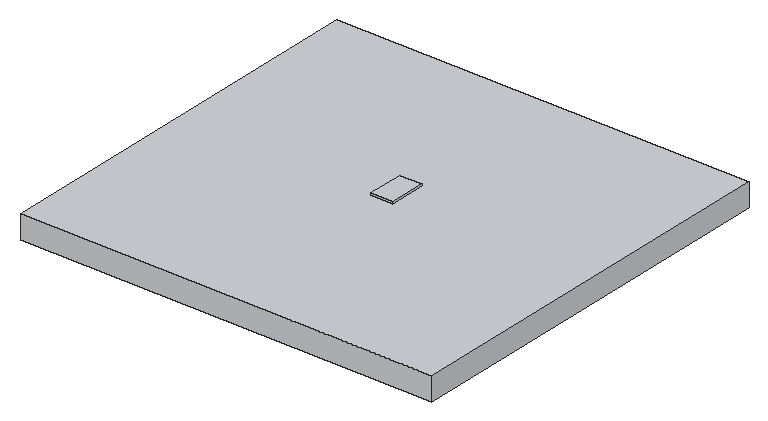
Revit family "dddf8f00cddc40049fafcb85fe87f91e", category Lighting Devices, host Face, Revit 2021
Family settings
  Host = Face
  Maintain Annotation Orientation = Yes
  Round Connector Dimension = Use Diameter
  Part Type = Switch
  OmniClass Number = 23.80.50.11.14
  OmniClass Title = Switches
  Seek Item ID = Double Pole Switch-0000-USA-ENU
  Cut with Voids When Loaded = No
  Shared = No
  Room Calculation Point = No
Parameters (values of type "Standard")
  Switch Voltage = 240 V
  Switch Number of Poles = 2
  Load Classification = Other
  Label = "2"
  Default Elevation = 4' - 0"
  Assembly Code = ""
  Apparent Load Phase 2 = 0 VA
  Apparent Load Phase 1 = 0 VA
Reference planes (in)
  plane 1 "Center (Front/Back)": y = 0
  plane 2: z = 0
  plane 3 "Center (Left/Right)": x = 0
  plane 4: x = -1.375
  plane 5: x = 1.375
  plane 6: x = -0.75
  plane 7: x = 0.75
  plane 8: y = 2.25
  plane 9: y = -2.25
  plane 10: y = 1.5
  plane 11: y = -1.5
  plane 12 "level above": z = 0.1875
  plane 13 "level below": z = -2.125
Forms (in)
  Extrusion 1, solid
    sketch origin (0, 0, 0) x (1, 0, 0) y (0, 1, 0)
      loop
        line (-25.375, 22.5) -> (-25.375, -26.25) -> (25.375, -26.25) -> (25.375, 22.5) -> (-25.375, 22.5)
    from 0 to -2.86111
  Extrusion 2, solid
    sketch origin (0, 0, 0) x (1, 0, 0) y (0, 1, 0)
      loop
        line (-1.375, 2.25) -> (-1.375, -2.25) -> (1.375, -2.25) -> (1.375, 2.25) -> (-1.375, 2.25)
    from 0 to 0.1875
  Extrusion 3, solid
    sketch origin (0, 0, 0) x (1, 0, 0) y (0, 1, 0)
      loop
        line (-0.75, 1.5) -> (-0.75, -1.5) -> (0.75, -1.5) -> (0.75, 1.5) -> (-0.75, 1.5)
    from 0 to -2.125
Lines and regions (in)
  symbolic lines, detail levels fine
    curve 1: line (-1.375, 0, 0.1875) -> (1.375, 0, 0.1875)
    curve 2: line (-1.375, 0, 0) -> (-1.375, 0, 0.1875)
    curve 3: line (1.375, 0, 0) -> (-1.375, 0, 0)
    curve 4: line (1.375, 0, 0.1875) -> (1.375, 0, 0)
    curve 5: line (-0.75, 0, -2.125) -> (0.75, 0, -2.125)
    curve 6: line (-0.75, 0, 0) -> (-0.75, 0, -2.125)
    curve 7: line (0.75, 0, -2.125) -> (0.75, 0, 0)
Dimensions and locks (in)
  equal spacing: plane 6, plane 3 "Center (Left/Right)", plane 7, locked at 0.75 each
  locked: plane 6 to plane 7 at 1.5
  equal spacing: plane 4, plane 3 "Center (Left/Right)", plane 5, locked at 1.375 each
  locked: plane 4 to plane 5 at 2.75
  locked: plane 8 to plane 9 at 4.5
  locked: plane 12 "level above" to level at 0.1875
  locked: level to plane 13 "level below" at 2.125
  locked: plane 10 to plane 11 at 3
  equal spacing: plane 10, plane 1 "Center (Front/Back)", plane 11, locked at 1.5 each
  equal spacing: plane 8, plane 1 "Center (Front/Back)", plane 9, locked at 2.25 each
  aligned and locked: plane 2 to Extrusion 1
  aligned and locked: level to Extrusion 1
  aligned and locked: plane 8 to Extrusion 2
  aligned and locked: Extrusion 2 to plane 9
  aligned and locked: plane 5 to Extrusion 2
  aligned and locked: Extrusion 2 to plane 4
  aligned and locked: Extrusion 2 to level
  aligned and locked: plane 12 "level above" to Extrusion 2
  aligned and locked: plane 10 to Extrusion 3
  aligned and locked: Extrusion 3 to plane 6
  aligned and locked: plane 7 to Extrusion 3
  aligned and locked: Extrusion 3 to plane 11
  aligned and locked: Extrusion 3 to level
  aligned and locked: Extrusion 3 to plane 13 "level below"
  aligned and locked: plane 3 "Center (Left/Right)" to nested 1
  aligned and locked: plane 1 "Center (Front/Back)" to nested 1
  aligned and locked: curve 1 to plane 12 "level above"
  aligned and locked: plane 2 to curve 3
  aligned and locked: curve 5 to plane 13 "level below"
Automatic sketch dimensions
  Extrusion 2 sketch curve to plane 4 = 0' - 0"
  Extrusion 2 sketch curve to plane 5 = 0' - 0"
  Extrusion 2 sketch curve to plane 9 = 0' - 0"
  Extrusion 2 sketch curve to plane 8 = 0' - 0"
  Extrusion 3 sketch curve to plane 6 = 0' - 0"
  Extrusion 3 sketch curve to plane 7 = 0' - 0"
  Extrusion 3 sketch curve to plane 11 = 0' - 0"
  Extrusion 3 sketch curve to plane 10 = 0' - 0"
  Extrusion 1 sketch curve to Extrusion 1 sketch curve = 4' - 2 3/4"
  Extrusion 1 sketch curve to Extrusion 1 sketch curve = 4' - 0 3/4"
  curve 2 to plane 4 = 0' - 0"
  curve 3 to plane 5 = 0' - 0"
  plane 4 to curve 7 = 0' - 2 1/8"
  curve 5 to curve 5 = 0' - 1 1/2"
Nested families (in)
  nested 1: "Switch Annotation" at (0, 0, 0), type "Switch Annotation", detail levels coarse+medium
Connectors (in)
  electrical at (0, 1.5, -1.0625), driven by "Switch Voltage", driven by "Apparent Load Phase 1", driven by "Apparent Load Phase 2", driven by "Switch Number of Poles", driven by "Load Classification"
    settings: on Extrusion 3, index 1, voltage 240 V, apparent load 0 VA, apparent load phase1 0 VA, apparent load phase2 0 VA, apparent load phase3 0 VA, power factor 1, load classification "Other", number of poles 2, system type 31, power factor state 1, is connector primary yes, connector utility no, sub classification motor no, connector description ""
Definition of nested family "Switch Annotation"
  Parameters
    Label = "WP"
  Reference planes (in)
    plane 1: y = 0
    plane 2: x = 0
  Lines and regions (in)
    detail lines
      curve 1: line (0, 0.125, 0) -> (0, 0, 0)
      curve 3: arc (0.01506, 0.11153, 0) -> (-0.02442, 0.09683, 0) -> (0, 0.0625, 0) r 0.02655
      curve 4: arc (0, 0.0625, 0) -> (0.01543, 0.02147, 0) -> (-0.02827, 0.02483, 0) r 0.02599
    reference lines
      curve 2: line (0, 0.0625, 0) -> (-0.11983, 0.0625, 0)
      curve 5: line (0.10095, -0.04722, 0) -> (0.10095, 0.09386, 0)
      curve 6: line (0.10095, -0.04722, 0) -> (0.28349, -0.04722, 0)
      curve 7: line (0.10095, 0.04579, 0) -> (0.31014, 0.04579, 0)
  Text (in)
    label "2" at (0.02544, -0.00499, 0), shows "Label"
  Dimensions and locks (in)
    locked: curve 6 to curve 7 at 0.09301
    locked: curve 1 to curve 5 at 0.10095
    locked: curve 1 to curve 1 at 0.125
    locked: plane 1 to curve 2 at 0.0625
    aligned and locked: curve 1 to curve 2
    aligned and locked: curve 3 to curve 2
    aligned and locked: curve 4 to curve 2
    aligned and locked: plane 1 to curve 1
    aligned and locked: curve 1 to plane 2
    aligned and locked: plane 2 to curve 1
